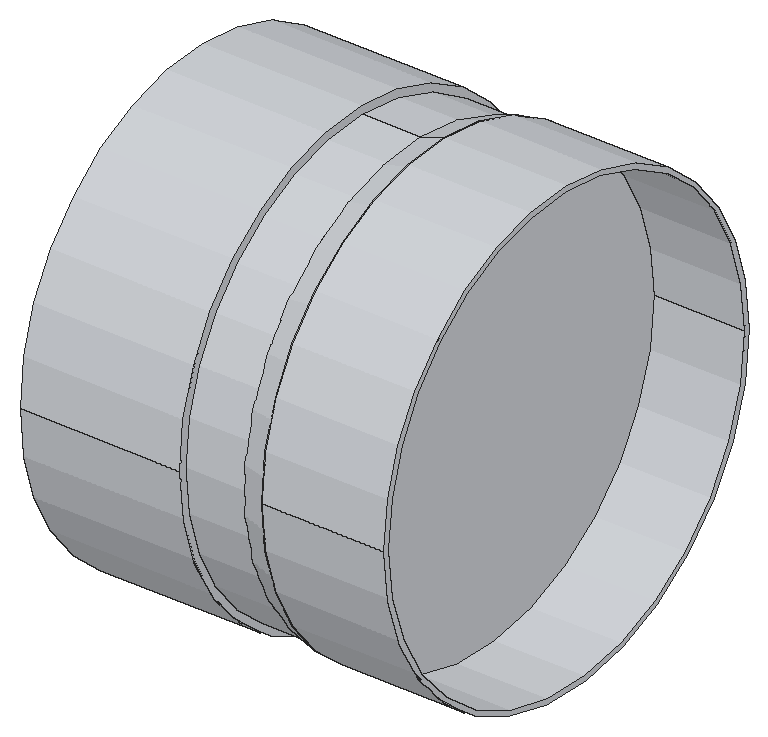
Revit family "7.Обратный клапан для круглых каналов KOK", category Оборудование, Revit 2016
Family settings
  Тип детали = Нормальный
  Размер круглого соединителя = Использовать диаметр
  На основе рабочей плоскости = Нет
  Всегда вертикально = Да
  При загрузке вырезать с полостями = Нет
  Общий = Нет
  Точка расчета площади = Нет
Parameters (values of type "100")
  отступ = 20 mm
  ножки(да/нет) [instance] = no
  Частотный преобразователь [instance] = no
  Тип, марка, обозначение = "KOK 100"
  Силовой кабель = ""
  Сила тока J, А = ""
  Регулятор расхода [instance] = no
  Раздел = "ОВ"
  Примечание = ""
  Позиция = ""
  Напряжение U,В = ""
  Наименование и тех.хар-ка = "Обратный клапан для круглых каналов"  # constant formula
  Материал = Сталь серая
  Масса единицы = "0.2 кг"
  Д1 = Д * 0.98  # 98 mm
  Б = 27 mm
  А = 80 mm
  Код, оборудования = ""
  Ключевая пометка = "Вентиляция"
  Задание электрикам [instance] = no
  Задание автоматчикам [instance] = no
  Завод изготовитель = "KORF"  # constant formula
  Единица измерения = "шт."  # constant formula
  Д = 100 mm
  B = 35 mm
Types (6, lengths in mm): name | отступ | Тип, марка, обозначение | Масса единицы | Д1 | Б | А | Д | B
  100 | 20 | "KOK 100" | "0.2 кг" | 98 | 27 | 80 | 100 | 35
  160 | 40 | "KOK 160" | "0.4 кг" | 156.8 | 37 | 110 | 160 | 55
  200 | 65 | "KOK 200" | "0.6 кг" | 196 | 52 | 140 | 200 | 70
  250 | 65 | "KOK 250" | "0.65 кг" | 245 | 47 | 140 | 250 | 75
  315 | 65 | "KOK 315" | "0.8 кг" | 308.7 | 47 | 140 | 315 | 75
  125 | 40 | "KOK 125" | "0,25 кг" | 122.5 | 37 | 100 | 125 | 45
Reference planes
  plane 1 "По центру (Вперед/Назад)": y = 0
  plane 2: z = 0
  plane 3 "По центру (Влево/Вправо)": x = 0
  plane 4: x = -40
  plane 5: x = 40
  plane 6: z = 50
  plane 7: z = -50
  plane 8: x = -0.75
  plane 9: x = 0.75
  plane 10: x = -5
  plane 11: x = 13
  plane 12: x = -20
  plane 13: x = 20
  plane 14: y = 50
  plane 15: y = -50
  plane 16: x = 0
Forms (mm)
  Extrusion 1, void, not visible
    sketch origin (-345, -245, 50) x (0, -1, 0) y (0, 0, -1)
      loop
        line (-477.965, -475) -> (-477.965, -450) -> (-528.913, -450) -> (-528.913, -475) -> (-477.965, -475)
    from -47.452 to 12
  Extrusion 2, solid, not visible
    sketch origin (5, 0, 2.041) x (0, 1, 0) y (0, 0, 1)
      loop
        line (45, 112.959) -> (-45, 112.959) -> (-45, 82.959) -> (45, 82.959) -> (45, 112.959)
    from 0 to -69.911
  Extrusion 3, solid, not visible
    sketch origin (5, -2.888, -8.59) x (0, 0.352122, 0.935954) y (0, -0.935954, 0.352122)
      loop
        line (45, 114.532) -> (-19.8, 114.532) -> (-19.8, 90.2) -> (45, 90.2) -> (45, 114.532)
    from 0 to -69.911
  Sweep 4, solid, not visible
    path origin (5, 0, -1.25) x (0, 1, 0) y (0, 0, 1)
      loop
        line (-45, 97.266) -> (-60.734, 97.266)
        arc (-60.734, 97.266) -> (-72.348, 93.548) -> (-79.645, 83.777) r 20
        line (-79.645, 83.777) -> (-105.929, 7.442)
    profile origin (5, -52.867, 96.016) x (0, 0, -1) y (1, 0, 0)
      loop
        circle (0, -63.75) r 3
  Extrusion 5, solid, not visible
    sketch origin (0, 0, 47.041) x (0, 1, 0) y (0, 0, 1)
      loop
        line (45, 112.959) -> (-45, 112.959) -> (-45, 82.959) -> (45, 82.959) -> (45, 112.959)
    from 0 to -93.323
  Extrusion 6, solid, not visible
    sketch origin (0, -40.257, 23.842) x (0, 0.679881, 0.733322) y (0, -0.733322, 0.679881)
      loop
        line (45, 114.532) -> (-19.8, 114.532) -> (-19.8, 90.2) -> (45, 90.2) -> (45, 114.532)
    from 0 to -93.323
  Sweep 7, solid, not visible
    path origin (0, 0, 43.75) x (0, 1, 0) y (0, 0, 1)
      loop
        line (-45, 97.266) -> (-54.952, 97.266)
        arc (-54.952, 97.266) -> (-71.221, 93.808) -> (-84.677, 84.031) r 40
        line (-84.677, 84.031) -> (-132.472, 30.95)
    profile origin (0, -49.976, 141.016) x (0, 0, -1) y (1, 0, 0)
      loop
        circle (0, -63.75) r 3
  Extrusion 8, solid, detail levels fine
    sketch origin (0, 0, 0) x (0, 1, 0) y (0, 0, 1)
      loop
        circle (0, 0) r 50
    from 13 to 40
  Extrusion 9, solid, detail levels fine
    sketch origin (0, 0, 0) x (0, 1, 0) y (0, 0, 1)
      loop
        circle (0, 0) r 50
    from -5 to -40
  Revolve 10, solid, detail levels fine
    sketch origin (0, 0, 0) x (1, 0, 0) y (0, 0, 1)
      loop
        line (-5, 48.402) -> (-5, 0) -> (13, 0) -> (13, 50) -> (7.869, 48.402) -> (-5, 48.402)
      axis (-5, 0) -> (13, 0)
    angle from 0 to 360
  Extrusion 11, void, detail levels fine
    sketch origin (0, 0, 0) x (0, 1, 0) y (0, 0, 1)
      loop
        circle (0, 0) r 49
    from 20 to 40
  Extrusion 12, void
    sketch origin (10, 0, 0) x (0, 1, 0) y (0, 0, -1)
      loop
        circle (0, 0) r 49
    from 30 to 50
  Extrusion 13, solid, material "Сталь серая", detail levels coarse
    sketch origin (0, 0, 0) x (1, 0, 0) y (0, 1, 0)
      loop
        line (-14.142, -14.142) -> (14.142, 14.142)
        spline (14.142, 14.142) -> (10, 17.321) -> (5.176, 19.319) -> (0, 20) -> (-5.176, 19.319) -> (-10, 17.321) -> (-14.142, 14.142) -> (-17.321, 10) -> (-19.319, 5.176) -> (-20, 0) -> (-19.319, -5.176) -> (-17.321, -10) -> (-14.142, -14.142)
    from 0 to 1
  Extrusion 14, solid, material "Сталь серая", not visible, detail levels coarse
    sketch origin (0, 0, 0) x (1, 0, 0) y (0, 1, 0)
      loop
        line (-14.142, -14.142) -> (14.142, 14.142)
        spline (14.142, 14.142) -> (10, 17.321) -> (5.176, 19.319) -> (0, 20) -> (-5.176, 19.319) -> (-10, 17.321) -> (-14.142, 14.142) -> (-17.321, 10) -> (-19.319, 5.176) -> (-20, 0) -> (-19.319, -5.176) -> (-17.321, -10) -> (-14.142, -14.142)
    from 0 to 1
  Extrusion 15, solid, material "Сталь серая", detail levels medium
    sketch origin (0, 0, 0) x (1, 0, 0) y (0, 0, 1)
      loop
        line (-21.213, -21.213) -> (21.213, 21.213)
        spline (21.213, 21.213) -> (15, 25.981) -> (7.765, 28.978) -> (0, 30) -> (-7.765, 28.978) -> (-15, 25.981) -> (-21.213, 21.213) -> (-25.981, 15) -> (-28.978, 7.765) -> (-30, 0) -> (-28.978, -7.765) -> (-25.981, -15) -> (-21.213, -21.213)
    from 0 to 1
  Extrusion 16, solid, material "Сталь серая", not visible, detail levels medium
    sketch origin (0, 0, 0) x (1, 0, 0) y (0, 0, 1)
      loop
        line (-21.213, -21.213) -> (21.213, 21.213)
        spline (21.213, 21.213) -> (15, 25.981) -> (7.765, 28.978) -> (0, 30) -> (-7.765, 28.978) -> (-15, 25.981) -> (-21.213, 21.213) -> (-25.981, 15) -> (-28.978, 7.765) -> (-30, 0) -> (-28.978, -7.765) -> (-25.981, -15) -> (-21.213, -21.213)
    from 0 to 1
  Extrusion 17, solid, material "Сталь серая", not visible, detail levels medium
    sketch origin (0, 0, 0) x (1, 0, 0) y (0, 0, 1)
      loop
        line (-21.213, -21.213) -> (21.213, 21.213)
        spline (21.213, 21.213) -> (15, 25.981) -> (7.765, 28.978) -> (0, 30) -> (-7.765, 28.978) -> (-15, 25.981) -> (-21.213, 21.213) -> (-25.981, 15) -> (-28.978, 7.765) -> (-30, 0) -> (-28.978, -7.765) -> (-25.981, -15) -> (-21.213, -21.213)
    from 0 to 1
Cuts and joins
  Extrusion 11, Extrusion 12 cuts Extrusion 8
  Extrusion 11, Extrusion 12 cuts Extrusion 9
  Extrusion 11 cuts Revolve 10
Lines and regions (mm)
  model lines, detail levels coarse
    curve 1: line (-40, 50, 0) -> (40, 50, 0)
    curve 2: line (-40, -50, 0) -> (-40, 50, 0)
    curve 3: line (40, -50, 0) -> (-40, -50, 0)
    curve 4: line (40, 50, 0) -> (40, -50, 0)
    curve 5: circle (0, 0, 0) r 20 normal (0, 0, 1)
    curve 6: line (0, 0, 0) -> (18.465, 18.465, 0)
    curve 7: line (0, 0, 0) -> (-18.465, -18.465, 0)
  model lines, not visible, detail levels coarse
    curve 8: circle (0, 0, 0) r 20 normal (0, 0, 1)
    curve 9: line (0, 0, 0) -> (18.465, 18.465, 0)
    curve 10: line (0, 0, 0) -> (-18.465, -18.465, 0)
    curve 11: circle (0, 0, 0) r 20 normal (0, 0, 1)
    curve 12: line (0, 0, 0) -> (18.465, 18.465, 0)
    curve 13: line (0, 0, 0) -> (-18.465, -18.465, 0)
  model lines, detail levels medium
    curve 14: line (-40, 0, 50) -> (40, 0, 50)
    curve 15: line (-40, 0, -50) -> (-40, 0, 50)
    curve 16: line (40, 0, -50) -> (-40, 0, -50)
    curve 17: line (40, 0, 50) -> (40, 0, -50)
    curve 18: circle (0, 0, 0) r 30 normal (0, -1, 0)
    curve 19: line (0, 0, 0) -> (28.284, 0, 28.284)
    curve 20: line (0, 0, 0) -> (-28.284, 0, -28.284)
  model lines, not visible, detail levels medium
    curve 21: circle (0, 0, 0) r 30 normal (0, -1, 0)
    curve 22: line (0, 0, 0) -> (28.284, 0, 28.284)
    curve 23: circle (0, 0, 0) r 30 normal (0, -1, 0)
    curve 24: line (0, 0, 0) -> (28.284, 0, 28.284)
    curve 25: line (0, 0, 0) -> (-28.284, 0, -28.284)
Dimensions and locks
  locked: Extrusion 3 sketch curve to Extrusion 3 sketch curve at 24.332
  locked: Extrusion 3 sketch curve to Extrusion 3 sketch curve at 64.8
  locked: Extrusion 2 sketch curve to Extrusion 2 sketch curve at 30
  locked: Extrusion 6 sketch curve to Extrusion 6 sketch curve at 24.332
  locked: Extrusion 6 sketch curve to Extrusion 6 sketch curve at 64.8
  locked: Extrusion 5 sketch curve to Extrusion 5 sketch curve at 30
  equal spacing: plane 6, level, plane 7
  "Д": plane 6 to plane 7
  equal spacing: plane 5, plane 3 "По центру (Влево/Вправо)", plane 4
  "А": plane 5 to plane 4
  equal spacing: plane 8, plane 3 "По центру (Влево/Вправо)", plane 9
  "Б": plane 5 to plane 11
  "B": plane 10 to plane 4
  "отступ": plane 4 to plane 12
  "отступ": plane 13 to plane 5
  equal spacing: plane 15, plane 1 "По центру (Вперед/Назад)", plane 14
  "Д": plane 15 to plane 14
  "Д": diameter of Extrusion 8 sketch curve
  "Д": diameter of Extrusion 9 sketch curve
  "Д1": diameter of Extrusion 11 sketch curve
  "Д1": diameter of Extrusion 12 sketch curve
  aligned and locked: level to plane 2
  aligned and locked: plane 5 to Extrusion 8
  aligned and locked: Extrusion 8 to plane 11
  aligned and locked: Extrusion 9 to plane 4
  aligned and locked: plane 10 to Extrusion 9
  aligned and locked: Revolve 10 sketch curve to plane 11
  aligned and locked: plane 10 to Revolve 10 sketch curve
  aligned and locked: plane 5 to Extrusion 11
  aligned and locked: Extrusion 12 to plane 4
  aligned and locked: plane 12 to Extrusion 12
  aligned and locked: cut or joined group of Extrusion 8, Extrusion 11, Extrusion 12 to plane 13
  aligned and locked: plane 14 to curve 1
  aligned and locked: curve 2 to cut or joined group of Extrusion 9, Extrusion 11, Extrusion 12
  aligned and locked: plane 15 to curve 3
  aligned and locked: curve 4 to cut or joined group of Extrusion 8, Extrusion 11, Extrusion 12
  aligned and locked: plane 6 to curve 14
  aligned and locked: curve 15 to cut or joined group of Extrusion 9, Extrusion 11, Extrusion 12
  aligned and locked: curve 16 to plane 7
  aligned and locked: curve 17 to cut or joined group of Extrusion 8, Extrusion 11, Extrusion 12
Automatic sketch dimensions
  Extrusion 5 sketch curve to Extrusion 5 sketch curve = 90 mm
  Sweep 7 sketch curve to Sweep 7 sketch curve = 29.726 mm
  Sweep 7 sketch curve to Sweep 7 sketch curve = 26.765 mm
  Sweep 7 sketch curve to Sweep 7 sketch curve = 47.795 mm
  Sweep 7 sketch curve to Sweep 7 sketch curve = 9.952 mm
  Sweep 7 sketch curve to Sweep 7 sketch curve = 53.081 mm
  Extrusion 2 sketch curve to Extrusion 2 sketch curve = 90 mm
  Sweep 4 sketch curve to Sweep 4 sketch curve = 18.91 mm
  Sweep 4 sketch curve to Sweep 4 sketch curve = 6.511 mm
  Sweep 4 sketch curve to Sweep 4 sketch curve = 26.284 mm
  Sweep 4 sketch curve to Sweep 4 sketch curve = 15.734 mm
  Sweep 4 sketch curve to Sweep 4 sketch curve = 76.336 mm
  Extrusion 13 sketch curve to Extrusion 13 sketch curve = 28.284 mm
  Extrusion 14 sketch curve to Extrusion 14 sketch curve = 28.284 mm
  Revolve 10 sketch curve to level = 0 mm  (x2)
  Revolve 10 sketch curve to plane 6 = 0 mm
  plane 6 to Revolve 10 sketch curve = 1.598 mm
  Revolve 10 sketch curve to plane 11 = 5.131 mm
  plane 5 to Revolve 10 sketch curve = 15 mm
  Revolve 10 sketch curve to Revolve 10 sketch curve = 35 mm
  Extrusion 15 sketch curve to Extrusion 15 sketch curve = 42.426 mm
  Extrusion 16 sketch curve to Extrusion 16 sketch curve = 42.426 mm
  Extrusion 8 sketch curve to level = 0 mm
  Extrusion 8 sketch curve to plane 1 "По центру (Вперед/Назад)" = 0 mm
  Extrusion 9 sketch curve to level = 0 mm
  Extrusion 9 sketch curve to plane 1 "По центру (Вперед/Назад)" = 0 mm
  Extrusion 11 sketch curve to level = 0 mm
  Extrusion 11 sketch curve to plane 1 "По центру (Вперед/Назад)" = 0 mm
  Extrusion 12 sketch curve to level = 0 mm
  Extrusion 12 sketch curve to plane 1 "По центру (Вперед/Назад)" = 0 mm
  Extrusion 17 sketch curve to Extrusion 17 sketch curve = 42.426 mm
  radius of Sweep 7 sketch curve = 3 mm
  radius of Sweep 4 sketch curve = 3 mm
Nested families
  nested 1: "крепление 15мм" at (-330, 229.965, 495), type "крепление 15мм", not visible
Connectors
  hvac at (-40, 0, 0), driven by "Д"
    settings: on Extrusion 9, index 1, duct flow 0.0 L/s, flow factor 0, pres drop 0.0 Pa, loss coef 0, conn angle 0.00°, conn width 304.8 mm, conn height 304.8 mm, conn diameter 100 mm, duct sys type 28, conn prof type 0, flow config 0, flow direction 0, loss method 0, conn ref index 2, conn util no, is conn primary yes, conn desc ""
  hvac at (40, 0, 0), driven by "Д"
    settings: on Extrusion 8, index 2, duct flow 0.0 L/s, flow factor 0, pres drop 0.0 Pa, loss coef 0, conn angle 0.00°, conn width 304.8 mm, conn height 304.8 mm, conn diameter 100 mm, duct sys type 28, conn prof type 0, flow config 0, flow direction 0, loss method 0, conn ref index 1, conn util no, is conn primary no, conn desc ""
Definition of nested family "крепление 15мм"
  Parameters (values of type "крепление 15мм")
    Материал крепления = none
  Reference planes
    plane 1 "По центру (Вперед/Назад)": y = 0
    plane 2: z = 0
    plane 3 "По центру (Влево/Вправо)": x = 0
  Forms (mm)
    Extrusion 1, solid, material <- "Материал крепления"
      sketch origin (0, 0, 0) x (1, 0, 0) y (0, 1, 0)
        loop
          line (-25, 0) -> (0, 0) -> (0, 18.31) -> (0, 25) -> (-3, 25) -> (-3, 3) -> (-25, 3) -> (-25, 0)
      from 0 to 30
    Extrusion 2, void
      sketch origin (0, 0, 0) x (1, 0, 0) y (0, 1, 0)
        loop
          line (-3, 3) -> (-3, 54.96) -> (-58, 54.96) -> (-58, 3) -> (-3, 3)
      from 0 to 15
  Cuts and joins
    Extrusion 2 cuts Extrusion 1
  Dimensions and locks
    Extrusion 1 sketch curve to Extrusion 1 sketch curve = 3 mm  (x2)
    Extrusion 1 sketch curve to Extrusion 1 sketch curve to plane 3 "По центру (Влево/Вправо)" = 25 mm, 0 mm
    Extrusion 1 sketch curve to Extrusion 1 sketch curve = 25 mm
    aligned and locked: level to plane 2
